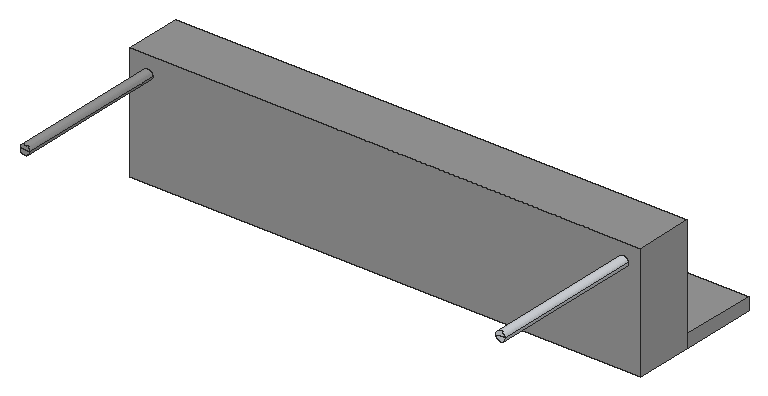
Revit family "Wall_Sink-Willoughby-CWWS-4", category Plumbing Fixtures, Revit 2015
Parameters (values of type "80" x 18"")
  Waste Connection = no
  Vent Connection = no
  URL = "https://www.willoughby-ind.com/wp-content/uploads/2018/01/CWWS.pdf"
  Sink Right = 3' - 4"
  Sink Left = 3' - 4"
  Revision = "A"
  Model = "CWWS-4"
  Manufacturer = "Willoughby Industries"
  HW Connection = no
  Fixture Body = Stainless Steel AISI 304-Willoughby(3)
  Description = "Commercial Wall Sink, 4 Stations, 80\" X 18\""
  Default Elevation = 0' - 0"
  Contact = "800-428-4065"
  CW Connection = no
  80" x 18" = yes
  62" x 18" = no
  48" x 18" = yes
  102" x 18" = yes
Reference planes (in)
  plane 1 "Center (Front/Back)": y = 0
  plane 2: z = 0
  plane 3 "Center (Left/Right)": x = 0
  plane 4 "Bottom Of Sink": y = 24
  plane 5 "Sink HGT": y = 33
  plane 6 "Top Of Unit": y = 45
  plane 7: z = 2
  plane 8: z = 7
  plane 9 "Front line": z = 18
  plane 10: x = 40
  plane 11: x = -40
  plane 12: x = -37.25
  plane 13: x = 37.25
  plane 14: z = 15.25
Forms (in)
  Extrusion 1, solid, material "Stainless Steel AISI 304-Willoughby(3)" <- "Fixture Body"
    sketch origin (0, 33, 0) x (-1, 0, 0) y (0, 0, 1)
      loop
        line (-40, 0) -> (40, 0) -> (40, 18) -> (-40, 18) -> (-40, 0)
    from 0 to -9
  Extrusion 2, solid, material "Stainless Steel AISI 304-Willoughby(3)" <- "Fixture Body"
    sketch origin (0, 0, 0) x (1, 0, 0) y (0, 1, 0)
      loop
        line (-40, 33) -> (40, 33) -> (40, 45) -> (-40, 45) -> (-40, 33)
    from 0 to 2
  Revolve 3, solid, material "Stainless Steel AISI 304-Willoughby(3)" <- "Fixture Body"
    sketch origin (44.70941, 0, 15.25) x (1, 0, 0) y (0, 1, 0)
      loop
        line (-81.95941, 0) -> (-81.20941, 0) -> (-81.20941, 24) -> (-81.95941, 24) -> (-81.95941, 0)
      axis (-81.95941, 24) -> (-81.95941, 0)
    angle from 0 to 360
  Revolve 4, solid
    sketch origin (44.70941, 0, 15.25) x (1, 0, 0) y (0, 1, 0)
      loop
        line (-7.45941, 0) -> (-6.70941, 0) -> (-6.70941, 24) -> (-7.45941, 24) -> (-7.45941, 0)
      axis (-7.45941, 24) -> (-7.45941, 0)
    angle from 0 to 360
  Extrusion 5, void
    sketch origin (0, 33, 0) x (-1, 0, 0) y (0, 0, 1)
      loop
        line (-39, 17) -> (-39, 3) -> (39, 3) -> (39, 17) -> (-39, 17)
    from 0 to -8.83152
Cuts and joins
  Extrusion 5 cuts Extrusion 1
Lines and regions (in)
  symbolic lines, detail levels fine
    curve 1: line (-38, 0, 0) -> (-38, 24, 0)
    curve 2: line (-38, 0, 0) -> (-36.5, 0, 0)
    curve 3: line (-36.5, 0, 0) -> (-36.5, 24, 0)
    curve 7: line (38, 0, 0) -> (36.5, 0, 0)
    curve 8: line (36.5, 0, 0) -> (36.5, 24, 0)
    curve 9: line (38, 0, 0) -> (38, 24, 0)
    curve 18: line (-39, 33, 3) -> (-39, 33, 17)
    curve 19: line (-39, 33, 17) -> (39, 33, 17)
    curve 20: line (39, 33, 17) -> (39, 33, 3)
    curve 21: line (39, 33, 3) -> (-39, 33, 3)
    curve 29: line (0, 0, 14.5) -> (0, 0, 16)
    curve 30: line (0, 0, 16) -> (0, 24, 16)
    curve 31: line (0, 0, 14.5) -> (0, 24, 14.5)
  symbolic lines
    curve 4: line (-40, 24, 0) -> (40, 24, 0)
    curve 5: line (40, 24, 0) -> (40, 33, 0)
    curve 6: line (40, 33, 0) -> (-40, 33, 0)
    curve 13: line (40, 33, 0) -> (40, 33, 18)
    curve 14: line (40, 33, 18) -> (-40, 33, 18)
    curve 15: line (-40, 33, 18) -> (-40, 33, 0)
    curve 16: line (-40, 33, 0) -> (40, 33, 0)
    curve 22: line (0, 24, 0) -> (0, 33, 0)
    curve 23: line (0, 33, 0) -> (0, 33, 18)
    curve 24: line (0, 33, 18) -> (0, 24, 18)
    curve 25: line (0, 24, 18) -> (0, 24, 0)
  symbolic lines, detail levels medium+fine
    curve 10: line (40, 33, 0) -> (40, 45, 0)
    curve 11: line (40, 45, 0) -> (-40, 45, 0)
    curve 12: line (-40, 45, 0) -> (-40, 33, 0)
    curve 17: line (40, 33, 2) -> (-40, 33, 2)
    curve 26: line (0, 33, 0) -> (0, 45, 0)
    curve 27: line (0, 45, 0) -> (0, 45, 2)
    curve 28: line (0, 45, 2) -> (0, 33, 2)
Dimensions and locks (in)
  locked: plane 11 to plane 12 at 2.75
  locked: plane 13 to plane 10 at 2.75
  plane 14 to plane 9 "Front line" = 0' - 2 3/4"
  "Sink Left": plane 11 to plane 3 "Center (Left/Right)"
  "Sink Right": plane 3 "Center (Left/Right)" to plane 10
  aligned and locked: plane 9 "Front line" to Extrusion 1
  aligned and locked: Extrusion 1 to plane 11
  aligned and locked: plane 10 to Extrusion 1
  aligned and locked: Extrusion 1 to level
  aligned and locked: Extrusion 1 to plane 4 "Bottom Of Sink"
  aligned and locked: plane 5 "Sink HGT" to Extrusion 1
  aligned and locked: Extrusion 2 to plane 11
  aligned and locked: plane 6 "Top Of Unit" to Extrusion 2
  aligned and locked: Extrusion 2 to plane 5 "Sink HGT"
  aligned and locked: Extrusion 2 to level
  aligned and locked: plane 7 to Extrusion 2
  aligned and locked: Revolve 3 sketch curve to Revolve 3 sketch curve  (x2)
  aligned and locked: Revolve 4 sketch curve to Revolve 4 sketch curve  (x2)
  aligned and locked: plane 5 "Sink HGT" to Extrusion 5
Automatic sketch dimensions
  Extrusion 1 sketch curve to plane 9 "Front line" = 0' - 0"
  Extrusion 1 sketch curve to plane 10 = 0' - 0"
  Extrusion 1 sketch curve to level = 0' - 0"
  Extrusion 1 sketch curve to plane 11 = 0' - 0"
  Extrusion 2 sketch curve to plane 6 "Top Of Unit" = 0' - 0"
  Extrusion 2 sketch curve to plane 11 = 0' - 0"
  Extrusion 2 sketch curve to plane 5 "Sink HGT" = 0' - 0"
  Extrusion 2 sketch curve to plane 10 = 0' - 0"
  Extrusion 5 sketch curve to plane 10 = 0' - 1"
  plane 11 to Extrusion 5 sketch curve = 0' - 1"
  plane 7 to Extrusion 5 sketch curve = 0' - 1"
  Extrusion 5 sketch curve to plane 9 "Front line" = 0' - 1"
  plane 1 "Center (Front/Back)" to Revolve 4 sketch curve = 0' - 0"  (x2)
  Revolve 4 sketch curve to plane 13 = 0' - 0"
  Revolve 4 sketch curve to plane 4 "Bottom Of Sink" = 0' - 0"
  Revolve 4 sketch curve to plane 13 = 0' - 0 3/4"
  plane 1 "Center (Front/Back)" to Revolve 3 sketch curve = 0' - 0"  (x2)
  Revolve 3 sketch curve to plane 12 = 0' - 0"
  Revolve 3 sketch curve to plane 4 "Bottom Of Sink" = 0' - 0"
  Revolve 3 sketch curve to plane 12 = 0' - 0 3/4"
  curve 4 to plane 4 "Bottom Of Sink" = 0' - 0"
  curve 4 to plane 11 = 0' - 0"
  curve 12 to plane 6 "Top Of Unit" = 0' - 0"
  curve 11 to plane 11 = 0' - 0"
  plane 1 "Center (Front/Back)" to curve 1 = 0' - 0"
  plane 1 "Center (Front/Back)" to curve 8 = 0' - 0"
  curve 10 to plane 10 = 0' - 0"
  curve 12 to plane 5 "Sink HGT" = 0' - 0"
  plane 12 to curve 1 = 0' - 0 3/4"
  curve 2 to plane 12 = 0' - 0 3/4"
  plane 13 to curve 8 = 0' - 0 3/4"
  curve 9 to plane 13 = 0' - 0 3/4"
  curve 13 to level = 0' - 0"
  curve 13 to plane 10 = 0' - 0"
  curve 15 to plane 11 = 0' - 0"
  curve 17 to plane 7 = 0' - 0"
  curve 14 to plane 9 "Front line" = 0' - 0"
  curve 19 to plane 10 = 0' - 1"
  plane 11 to curve 18 = 0' - 1"
  curve 20 to plane 9 "Front line" = 0' - 1"
  plane 7 to curve 21 = 0' - 1"
  curve 29 to plane 1 "Center (Front/Back)" = 0' - 0"
  curve 31 to plane 4 "Bottom Of Sink" = 0' - 0"
  curve 24 to plane 5 "Sink HGT" = 0' - 0"
  curve 27 to plane 6 "Top Of Unit" = 0' - 0"
  curve 22 to level = 0' - 0"
  curve 28 to plane 7 = 0' - 0"
  curve 24 to plane 9 "Front line" = 0' - 0"
  plane 14 to curve 30 = 0' - 0 3/4"
  curve 31 to plane 14 = 0' - 0 3/4"
